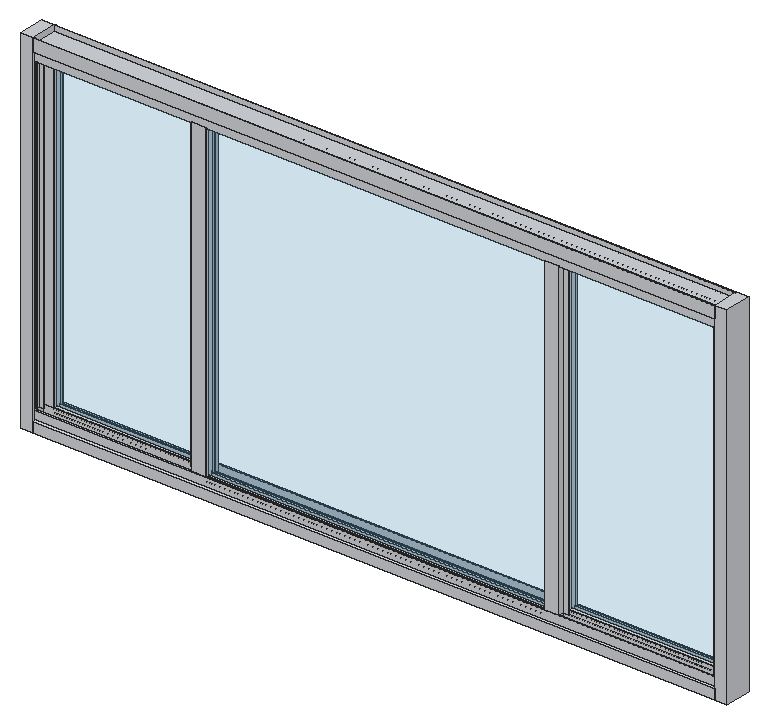
Revit family "MT-VMS_DB-SG_XOX", category Windows, host Wall, Revit 2017 (continued)
Definition of nested family "VMS_DB-SG_XOX_76mm"
  Definition of nested family "VMS_DB-SG_GLAZED PANEL"
    Definition of nested family "VMS_VM66_SILL DETAIL_FINE"
      Lines and regions (mm)
        model lines, in view "Ref. Level"
          curve 104: line (26.1, 27.912, 0) -> (24.161, 27.912, 0)
          curve 105: line (23.779, 27.632, 0) -> (23.477, 26.672, 0)
          curve 106: line (23.667, 26.412, 0) -> (24.011, 26.412, 0)
          curve 107: line (24.169, 26.09, 0) -> (23.509, 25.234, 0)
          curve 108: line (23.667, 24.912, 0) -> (24.011, 24.912, 0)
          curve 109: line (24.169, 24.59, 0) -> (23.509, 23.734, 0)
          curve 110: line (23.667, 23.412, 0) -> (24.011, 23.412, 0)
          curve 111: line (24.169, 23.09, 0) -> (23.509, 22.234, 0)
          curve 112: line (23.667, 21.912, 0) -> (23.924, 21.912, 0)
          curve 113: line (24.831, 13.912, 0) -> (14.116, 13.912, 0)
          curve 114: line (13.833, 13.795, 0) -> (13.45, 13.412, 0)
          curve 115: line (13.45, 13.412, 0) -> (13.067, 13.795, 0)
          curve 116: line (12.784, 13.912, 0) -> (2.069, 13.912, 0)
          curve 117: line (2.976, 21.912, 0) -> (3.233, 21.912, 0)
          curve 118: line (3.391, 22.234, 0) -> (2.731, 23.09, 0)
          curve 119: line (2.889, 23.412, 0) -> (3.233, 23.412, 0)
          curve 120: line (3.391, 23.734, 0) -> (2.731, 24.59, 0)
          curve 121: line (2.889, 24.912, 0) -> (3.233, 24.912, 0)
          curve 122: line (3.391, 25.234, 0) -> (2.731, 26.09, 0)
          curve 123: line (2.889, 26.412, 0) -> (3.233, 26.412, 0)
          curve 124: line (3.423, 26.672, 0) -> (3.121, 27.632, 0)
          curve 125: line (2.739, 27.912, 0) -> (0.8, 27.912, 0)
          curve 126: line (0, 27.112, 0) -> (0, 25.735, 0)
          curve 127: line (0, 13.679, 0) -> (0, 5.9, 0)
          curve 128: line (0.8, 5.9, 0) -> (0.8, 6.8, 0)
          curve 129: line (0.8, 6.8, 0) -> (2.1, 6.8, 0)
          curve 130: line (2.1, 6.8, 0) -> (2.1, 1.2, 0)
          curve 131: line (2.1, 1.2, 0) -> (0.8, 1.2, 0)
          curve 132: line (0.8, 1.2, 0) -> (0.8, 2.1, 0)
          curve 133: line (0, 2.1, 0) -> (0, 0.5, 0)
          curve 134: line (0.5, 0, 0) -> (3, 0, 0)
          curve 135: line (3.3, 0.3, 0) -> (3.3, 4.7, 0)
          curve 136: line (3.6, 5, 0) -> (10.176, 5, 0)
          curve 137: line (10.476, 4.7, 0) -> (10.476, 3.6, 0)
          curve 138: line (10.176, 3.3, 0) -> (9.692, 3.3, 0)
          curve 139: line (9.392, 3, 0) -> (9.392, 1.5, 0)
          curve 140: line (9.092, 1.2, 0) -> (7.692, 1.2, 0)
          curve 141: line (7.392, 0.9, 0) -> (7.392, 0.3, 0)
          curve 142: line (7.692, 0, 0) -> (11.548, 0, 0)
          curve 143: line (13.065, 4.124, 0) -> (12.513, 3.976, 0)
          curve 144: line (12.513, 3.976, 0) -> (12.365, 4.529, 0)
          curve 145: line (11.996, 5.14, 0) -> (11.576, 5.6, 0)
          curve 146: line (11.576, 5.6, 0) -> (11.996, 6.06, 0)
          curve 147: line (11.992, 7.426, 0) -> (11.154, 7.426, 0)
          curve 148: line (10.261, 6.2, 0) -> (3.6, 6.2, 0)
          curve 149: line (3.3, 6.5, 0) -> (3.3, 8, 0)
          curve 150: line (3.1, 8.2, 0) -> (1.4, 8.2, 0)
          curve 151: line (1.2, 8.4, 0) -> (1.2, 12.312, 0)
          curve 152: line (1.4, 12.512, 0) -> (25.5, 12.512, 0)
          curve 153: line (25.7, 12.312, 0) -> (25.7, 8.4, 0)
          curve 154: line (25.5, 8.2, 0) -> (23.8, 8.2, 0)
          curve 155: line (23.6, 8, 0) -> (23.6, 6.5, 0)
          curve 156: line (23.3, 6.2, 0) -> (16.639, 6.2, 0)
          curve 157: line (15.746, 7.426, 0) -> (14.908, 7.426, 0)
          curve 158: line (14.904, 6.06, 0) -> (15.324, 5.6, 0)
          curve 159: line (15.324, 5.6, 0) -> (14.904, 5.14, 0)
          curve 160: line (14.535, 4.529, 0) -> (14.387, 3.976, 0)
          curve 161: line (14.387, 3.976, 0) -> (13.835, 4.124, 0)
    Definition of nested family "VMS_VM66_SILL DETAIL_MEDIUM"
      Reference planes
        plane 1 "Center (Front/Back)": y = 0
        plane 2: z = 0
        plane 3 "Center (Left/Right)": x = 0
      Lines and regions (mm)
        model lines, in view "Ref. Level"
          curve 1: line (1.2, 5, 0) -> (25.7, 5, 0)
          curve 2: line (0, 0, 0) -> (26.9, 0, 0)
          curve 3: line (25.7, 1.2, 0) -> (1.2, 1.2, 0)
          curve 4: line (26.9, 0, 0) -> (26.9, 27.912, 0)
          curve 5: line (26.9, 27.912, 0) -> (25.7, 27.912, 0)
          curve 6: line (25.7, 13.912, 0) -> (1.2, 13.912, 0)
          curve 7: line (1.2, 27.912, 0) -> (0, 27.912, 0)
          curve 8: line (0, 27.112, 0) -> (0, 25.735, 0)
          curve 9: line (0, 27.912, 0) -> (0, 0, 0)
          curve 10: line (1.2, 1.2, 0) -> (1.2, 5, 0)
          curve 11: line (1.2, 12.512, 0) -> (25.7, 12.512, 0)
          curve 12: line (25.7, 27.912, 0) -> (25.7, 13.912, 0)
          curve 13: line (25.7, 6.2, 0) -> (1.2, 6.2, 0)
          curve 14: line (1.2, 13.912, 0) -> (1.2, 27.912, 0)
          curve 15: line (25.7, 12.512, 0) -> (25.7, 6.2, 0)
          curve 16: line (25.7, 5, 0) -> (25.7, 1.2, 0)
          curve 17: line (1.2, 6.2, 0) -> (1.2, 12.512, 0)
  Definition of nested family "MAIN FRAME 76MM_MEDIUM"
    Reference planes
      plane 1 "Center (Front/Back)": y = 0
      plane 2: z = 0
      plane 3 "Center (Left/Right)": x = 0
    Lines and regions (mm)
      detail lines, in view "Ref. Level"
        curve 1: line (0, 0, 0) -> (35, 0, 0)
        curve 2: line (35, 0, 0) -> (35, -76, 0)
        curve 3: line (35, -76, 0) -> (0, -76, 0)
        curve 4: line (0, 0, 0) -> (0, -1.8, 0)
        curve 5: line (0, -1.8, 0) -> (33.2, -1.8, 0)
        curve 6: line (33.2, -74.2, 0) -> (33.2, -1.8, 0)
        curve 7: line (0, -74.2, 0) -> (33.2, -74.2, 0)
        curve 8: line (0, -74.2, 0) -> (0, -76, 0)
  Definition of nested family "AS1C CAVITY MAIN FRAME"
    Reference planes
      plane 1 "Center (Front/Back)": y = 0
      plane 2: z = 0
      plane 3 "Center (Left/Right)": x = 0
    Lines and regions (mm)
      detail lines, in view "Ref. Level"
        curve 1: arc (-35, -73.2, 0) -> (-34.922, -73.041, 0) -> (-34.748, -73.007, 0) r 0.2
        curve 2: arc (-33.3, -70.8, 0) -> (-32.55, -70.05, 0) -> (-31.8, -70.8, 0) r 0.75
        curve 3: arc (-1.5, -66.578, 0) -> (-1.654, -66.316, 0) -> (-1.957, -66.322, 0) r 0.3
        curve 4: arc (-1.957, -66.322, 0) -> (-4.423, -66.877, 0) -> (-6.71, -65.804, 0) r 3.9
        curve 5: arc (-6.71, -65.804, 0) -> (-6.731, -64.567, 0) -> (-5.494, -64.546, 0) r 0.875
        curve 6: arc (-5.494, -64.546, 0) -> (-3.836, -65.144, 0) -> (-2.288, -64.3, 0) r 2.15
        curve 7: arc (-2.288, -61.7, 0) -> (-3.836, -60.856, 0) -> (-5.494, -61.454, 0) r 2.15
        curve 8: arc (-5.494, -61.454, 0) -> (-6.731, -61.433, 0) -> (-6.71, -60.196, 0) r 0.875
        curve 9: arc (-6.71, -60.196, 0) -> (-4.423, -59.123, 0) -> (-1.957, -59.678, 0) r 3.9
        curve 10: arc (-1.957, -59.678, 0) -> (-1.654, -59.684, 0) -> (-1.5, -59.422, 0) r 0.3
        curve 11: arc (-1.5, -53.73, 0) -> (-1.851, -52.695, 0) -> (-2.76, -52.088, 0) r 1.7
        curve 12: arc (-18.84, -47.78, 0) -> (-19.749, -47.172, 0) -> (-20.1, -46.138, 0) r 1.7
        curve 13: arc (-20.1, -29.862, 0) -> (-19.749, -28.827, 0) -> (-18.84, -28.22, 0) r 1.7
        curve 14: arc (-2.76, -23.912, 0) -> (-1.851, -23.304, 0) -> (-1.5, -22.27, 0) r 1.7
        curve 15: arc (-1.5, -16.578, 0) -> (-1.654, -16.316, 0) -> (-1.957, -16.322, 0) r 0.3
        curve 16: arc (-1.957, -16.322, 0) -> (-4.423, -16.877, 0) -> (-6.71, -15.804, 0) r 3.9
        curve 17: arc (-6.71, -15.804, 0) -> (-6.731, -14.567, 0) -> (-5.494, -14.546, 0) r 0.875
        curve 18: arc (-5.494, -14.546, 0) -> (-3.836, -15.144, 0) -> (-2.288, -14.3, 0) r 2.15
        curve 19: arc (-2.288, -11.7, 0) -> (-3.836, -10.856, 0) -> (-5.494, -11.454, 0) r 2.15
        curve 20: arc (-5.494, -11.454, 0) -> (-6.731, -11.433, 0) -> (-6.71, -10.196, 0) r 0.875
        curve 21: arc (-6.71, -10.196, 0) -> (-4.423, -9.123, 0) -> (-1.957, -9.678, 0) r 3.9
        curve 22: arc (-1.957, -9.678, 0) -> (-1.654, -9.684, 0) -> (-1.5, -9.422, 0) r 0.3
        curve 23: arc (-31.8, -5.2, 0) -> (-32.55, -5.95, 0) -> (-33.3, -5.2, 0) r 0.75
        curve 24: arc (-34.748, -2.993, 0) -> (-34.922, -2.959, 0) -> (-35, -2.8, 0) r 0.2
        curve 25: arc (-35, -0.4, 0) -> (-34.883, -0.117, 0) -> (-34.6, 0, 0) r 0.4
        curve 26: arc (-0.4, 0, 0) -> (-0.117, -0.117, 0) -> (0, -0.4, 0) r 0.4
        curve 27: arc (0, -28.2, 0) -> (-0.117, -28.483, 0) -> (-0.4, -28.6, 0) r 0.4
        curve 28: arc (-2.4, -29.868, 0) -> (-2.483, -30.111, 0) -> (-2.696, -30.254, 0) r 0.4
        curve 29: arc (-4.496, -30.736, 0) -> (-4.895, -30.62, 0) -> (-4.976, -30.213, 0) r 0.4
        curve 30: arc (-3.605, -26.446, 0) -> (-3.686, -26.039, 0) -> (-4.084, -25.923, 0) r 0.4
        curve 31: arc (-10.184, -27.557, 0) -> (-10.372, -27.709, 0) -> (-10.388, -27.95, 0) r 0.3
        curve 32: arc (-9.417, -30.619, 0) -> (-9.417, -30.755, 0) -> (-9.504, -30.86, 0) r 0.2
        curve 33: arc (-9.7, -30.973, 0) -> (-9.9, -30.973, 0) -> (-10, -30.8, 0) r 0.2
        curve 34: arc (-10, -30.747, 0) -> (-10.059, -30.606, 0) -> (-10.2, -30.547, 0) r 0.2
        curve 35: arc (-11.438, -30.547, 0) -> (-11.528, -30.526, 0) -> (-11.599, -30.466, 0) r 0.2
        curve 36: arc (-11.599, -30.466, 0) -> (-11.806, -30.087, 0) -> (-11.9, -29.664, 0) r 1.549
        curve 37: arc (-11.9, -28.408, 0) -> (-12.017, -28.17, 0) -> (-12.278, -28.118, 0) r 0.3
        curve 38: arc (-12.278, -47.882, 0) -> (-12.017, -47.83, 0) -> (-11.9, -47.592, 0) r 0.3
        curve 39: arc (-11.9, -46.336, 0) -> (-11.806, -45.913, 0) -> (-11.599, -45.533, 0) r 1.549
        curve 40: arc (-11.599, -45.533, 0) -> (-11.528, -45.474, 0) -> (-11.438, -45.453, 0) r 0.2
        curve 41: arc (-10.2, -45.453, 0) -> (-10.059, -45.394, 0) -> (-10, -45.253, 0) r 0.2
        curve 42: arc (-10, -45.2, 0) -> (-9.9, -45.027, 0) -> (-9.7, -45.027, 0) r 0.2
        curve 43: arc (-9.504, -45.14, 0) -> (-9.417, -45.244, 0) -> (-9.417, -45.381, 0) r 0.2
        curve 44: arc (-10.388, -48.05, 0) -> (-10.372, -48.291, 0) -> (-10.184, -48.443, 0) r 0.3
        curve 45: arc (-4.084, -50.077, 0) -> (-3.686, -49.961, 0) -> (-3.605, -49.554, 0) r 0.4
        curve 46: arc (-4.976, -45.787, 0) -> (-4.895, -45.38, 0) -> (-4.496, -45.264, 0) r 0.4
        curve 47: arc (-2.696, -45.746, 0) -> (-2.483, -45.889, 0) -> (-2.4, -46.132, 0) r 0.4
        curve 48: arc (-0.4, -47.4, 0) -> (-0.117, -47.517, 0) -> (0, -47.8, 0) r 0.4
        curve 49: arc (0, -75.6, 0) -> (-0.117, -75.883, 0) -> (-0.4, -76, 0) r 0.4
        curve 50: arc (-34.6, -76, 0) -> (-34.883, -75.883, 0) -> (-35, -75.6, 0) r 0.4
        curve 51: line (-34.748, -73.007, 0) -> (-33.3, -73.395, 0)
        curve 52: line (-33.3, -73.395, 0) -> (-33.3, -70.8, 0)
        curve 53: line (-31.8, -70.8, 0) -> (-31.8, -74.5, 0)
        curve 54: line (-31.8, -74.5, 0) -> (-1.5, -74.5, 0)
        curve 55: line (-1.5, -74.5, 0) -> (-1.5, -66.578, 0)
        curve 56: line (-2.288, -64.3, 0) -> (-1.5, -64.3, 0)
        curve 57: line (-1.5, -64.3, 0) -> (-1.5, -63, 0)
        curve 58: line (-1.5, -63, 0) -> (-1.5, -61.7, 0)
        curve 59: line (-1.5, -61.7, 0) -> (-2.288, -61.7, 0)
        curve 60: line (-1.5, -59.422, 0) -> (-1.5, -53.73, 0)
        curve 61: line (-2.76, -52.088, 0) -> (-18.84, -47.78, 0)
        curve 62: line (-20.1, -46.138, 0) -> (-20.1, -29.862, 0)
        curve 63: line (-18.84, -28.22, 0) -> (-2.76, -23.912, 0)
        curve 64: line (-1.5, -22.27, 0) -> (-1.5, -16.578, 0)
        curve 65: line (-2.288, -14.3, 0) -> (-1.5, -14.3, 0)
        curve 66: line (-1.5, -14.3, 0) -> (-1.5, -13, 0)
        curve 67: line (-1.5, -13, 0) -> (-1.5, -11.7, 0)
        curve 68: line (-1.5, -11.7, 0) -> (-2.288, -11.7, 0)
        curve 69: line (-1.5, -9.422, 0) -> (-1.5, -1.5, 0)
        curve 70: line (-1.5, -1.5, 0) -> (-31.8, -1.5, 0)
        curve 71: line (-31.8, -1.5, 0) -> (-31.8, -5.2, 0)
        curve 72: line (-33.3, -5.2, 0) -> (-33.3, -2.605, 0)
        curve 73: line (-33.3, -2.605, 0) -> (-34.748, -2.993, 0)
        curve 74: line (-35, -2.8, 0) -> (-35, -0.4, 0)
        curve 75: line (-34.6, 0, 0) -> (-0.4, 0, 0)
        curve 76: line (0, -0.4, 0) -> (0, -28.2, 0)
        curve 77: line (-0.4, -28.6, 0) -> (-2.4, -28.6, 0)
        curve 78: line (-2.4, -28.6, 0) -> (-2.4, -29.868, 0)
        curve 79: line (-2.696, -30.254, 0) -> (-4.496, -30.736, 0)
        curve 80: line (-4.976, -30.213, 0) -> (-3.605, -26.446, 0)
        curve 81: line (-4.084, -25.923, 0) -> (-10.184, -27.557, 0)
        curve 82: line (-10.388, -27.95, 0) -> (-9.417, -30.619, 0)
        curve 83: line (-9.504, -30.86, 0) -> (-9.7, -30.973, 0)
        curve 84: line (-10.2, -30.547, 0) -> (-11.438, -30.547, 0)
        curve 85: line (-11.9, -29.664, 0) -> (-11.9, -28.408, 0)
        curve 86: line (-12.278, -28.118, 0) -> (-18.5, -29.786, 0)
        curve 87: line (-18.5, -29.786, 0) -> (-18.5, -46.214, 0)
        curve 88: line (-18.5, -46.214, 0) -> (-12.278, -47.882, 0)
        curve 89: line (-11.9, -47.592, 0) -> (-11.9, -46.336, 0)
        curve 90: line (-11.438, -45.453, 0) -> (-10.2, -45.453, 0)
        curve 91: line (-9.7, -45.027, 0) -> (-9.504, -45.14, 0)
        curve 92: line (-9.417, -45.381, 0) -> (-10.388, -48.05, 0)
        curve 93: line (-10.184, -48.443, 0) -> (-4.084, -50.077, 0)
        curve 94: line (-3.605, -49.554, 0) -> (-4.976, -45.787, 0)
        curve 95: line (-4.496, -45.264, 0) -> (-2.696, -45.746, 0)
        curve 96: line (-2.4, -46.132, 0) -> (-2.4, -47.4, 0)
        curve 97: line (-2.4, -47.4, 0) -> (-0.4, -47.4, 0)
        curve 98: line (0, -47.8, 0) -> (0, -75.6, 0)
        curve 99: line (-0.4, -76, 0) -> (-34.6, -76, 0)
        curve 100: line (-35, -75.6, 0) -> (-35, -73.2, 0)
  Definition of nested family "VMS_VM8_HEAD DETAIL_MEDIUM"
    Reference planes
      plane 1 "Center (Front/Back)": y = 0
      plane 2: z = 0
      plane 3 "Center (Left/Right)": x = 0
    Lines and regions (mm)
      detail lines, in view "Ref. Level"
        curve 1: line (0, 0, 0) -> (0, -35, 0)
        curve 2: line (1.5, -14.5, 0) -> (74.5, -14.5, 0)
        curve 3: line (74.5, -14.5, 0) -> (74.5, 0, 0)
        curve 4: line (0, 0, 0) -> (1.5, 0, 0)
        curve 5: line (76, 0, 0) -> (76, -35, 0)
        curve 6: line (76, -35, 0) -> (70.5, -35, 0)
        curve 7: line (70.5, -35, 0) -> (70.5, -59, 0)
        curve 8: line (68.7, -59, 0) -> (68.7, -33.2, 0)
        curve 9: line (68.7, -33.2, 0) -> (74.2, -33.2, 0)
        curve 10: line (74.2, -33.2, 0) -> (74.2, -16.1, 0)
        curve 11: line (74.2, -16.1, 0) -> (38.8, -16.1, 0)
        curve 12: line (38.8, -16.1, 0) -> (38.8, -59, 0)
        curve 13: line (70.5, -59, 0) -> (68.7, -59, 0)
        curve 14: line (37.2, -59, 0) -> (37.2, -16.1, 0)
        curve 15: line (1.8, -16.1, 0) -> (1.8, -33.2, 0)
        curve 16: line (1.8, -33.2, 0) -> (7.3, -33.2, 0)
        curve 17: line (7.3, -33.2, 0) -> (7.3, -59, 0)
        curve 18: line (7.3, -59, 0) -> (5.5, -59, 0)
        curve 19: line (5.5, -59, 0) -> (5.5, -35, 0)
        curve 20: line (5.5, -35, 0) -> (0, -35, 0)
        curve 21: line (1.5, 0, 0) -> (1.5, -14.5, 0)
        curve 22: line (74.5, 0, 0) -> (76, 0, 0)
        curve 23: line (38.8, -59, 0) -> (37.2, -59, 0)
        curve 24: line (37.2, -16.1, 0) -> (1.8, -16.1, 0)
  Definition of nested family "VMS_VM8_HEAD DETAIL_FINE"
    Reference planes
      plane 1 "Center (Front/Back)": y = 0
      plane 2: z = 0
      plane 3 "Center (Left/Right)": x = 0
    Lines and regions (mm)
      model lines, in view "Ref. Level"
        curve 1: arc (9.146, -8.957, 0) -> (9.504, -8.091, 0) -> (10.37, -7.732, 0) r 1.224
        curve 2: arc (10.877, -7.732, 0) -> (11.54, -8.402, 0) -> (11.326, -9.319, 0) r 0.974
        curve 3: arc (11.326, -9.319, 0) -> (11.131, -9.63, 0) -> (10.993, -9.97, 0) r 2.1
        curve 4: arc (10.993, -11.204, 0) -> (11.181, -11.637, 0) -> (11.462, -12.017, 0) r 2.1
        curve 5: arc (12.531, -12.634, 0) -> (13, -12.687, 0) -> (13.469, -12.634, 0) r 2.1
        curve 6: arc (14.538, -12.017, 0) -> (14.819, -11.637, 0) -> (15.007, -11.204, 0) r 2.1
        curve 7: arc (15.007, -9.97, 0) -> (14.869, -9.63, 0) -> (14.674, -9.319, 0) r 2.1
        curve 8: arc (14.674, -9.319, 0) -> (14.46, -8.402, 0) -> (15.123, -7.732, 0) r 0.974
        curve 9: arc (15.63, -7.732, 0) -> (16.496, -8.091, 0) -> (16.854, -8.957, 0) r 1.224
        curve 10: arc (16.854, -11.635, 0) -> (16.306, -12.829, 0) -> (15.399, -13.78, 0) r 3.994
        curve 11: arc (15.399, -13.78, 0) -> (15.26, -14.227, 0) -> (15.64, -14.5, 0) r 0.4
        curve 12: arc (60.746, -14.5, 0) -> (61.007, -14.348, 0) -> (61.003, -14.046, 0) r 0.3
        curve 13: arc (61.003, -14.046, 0) -> (59.836, -13.025, 0) -> (59.146, -11.635, 0) r 3.994
        curve 14: arc (59.146, -8.957, 0) -> (59.504, -8.091, 0) -> (60.37, -7.732, 0) r 1.224
        curve 15: arc (60.868, -7.732, 0) -> (61.514, -8.349, 0) -> (61.394, -9.234, 0) r 0.982
        curve 16: arc (61.394, -9.234, 0) -> (61.156, -9.581, 0) -> (60.993, -9.97, 0) r 2.1
        curve 17: arc (60.993, -11.204, 0) -> (61.181, -11.637, 0) -> (61.462, -12.017, 0) r 2.1
        curve 18: arc (62.531, -12.634, 0) -> (63, -12.687, 0) -> (63.469, -12.634, 0) r 2.1
        curve 19: arc (64.538, -12.017, 0) -> (64.819, -11.637, 0) -> (65.007, -11.204, 0) r 2.1
        curve 20: arc (65.007, -9.97, 0) -> (64.843, -9.58, 0) -> (64.603, -9.23, 0) r 2.1
        curve 21: arc (64.603, -9.23, 0) -> (64.477, -8.348, 0) -> (65.123, -7.732, 0) r 0.974
        curve 22: arc (65.63, -7.732, 0) -> (66.496, -8.091, 0) -> (66.854, -8.957, 0) r 1.224
        curve 23: arc (66.854, -11.635, 0) -> (66.306, -12.829, 0) -> (65.399, -13.78, 0) r 3.994
        curve 24: arc (65.399, -13.78, 0) -> (65.26, -14.227, 0) -> (65.64, -14.5, 0) r 0.4
        curve 25: arc (70.8, -3.2, 0) -> (70.05, -2.45, 0) -> (70.8, -1.7, 0) r 0.75
        curve 26: arc (73.007, -0.252, 0) -> (73.041, -0.078, 0) -> (73.2, 0, 0) r 0.2
        curve 27: arc (75.6, 0, 0) -> (75.883, -0.117, 0) -> (76, -0.4, 0) r 0.4
        curve 28: arc (76, -34.7, 0) -> (75.912, -34.912, 0) -> (75.7, -35, 0) r 0.3
        curve 29: arc (70.8, -35, 0) -> (70.588, -35.088, 0) -> (70.5, -35.3, 0) r 0.3
        curve 30: arc (70.5, -58.7, 0) -> (70.412, -58.912, 0) -> (70.2, -59, 0) r 0.3
        curve 31: arc (69, -59, 0) -> (68.788, -58.912, 0) -> (68.7, -58.7, 0) r 0.3
        curve 32: arc (68.7, -33.5, 0) -> (68.788, -33.288, 0) -> (69, -33.2, 0) r 0.3
        curve 33: arc (73.9, -33.2, 0) -> (74.112, -33.112, 0) -> (74.2, -32.9, 0) r 0.3
        curve 34: arc (74.2, -17.1, 0) -> (73.907, -16.393, 0) -> (73.2, -16.1, 0) r 1
        curve 35: arc (39.8, -16.1, 0) -> (39.093, -16.393, 0) -> (38.8, -17.1, 0) r 1
        curve 36: arc (38.8, -58.7, 0) -> (38.712, -58.912, 0) -> (38.5, -59, 0) r 0.3
        curve 37: arc (37.5, -59, 0) -> (37.288, -58.912, 0) -> (37.2, -58.7, 0) r 0.3
        curve 38: arc (37.2, -17.1, 0) -> (36.907, -16.393, 0) -> (36.2, -16.1, 0) r 1
        curve 39: arc (2.8, -16.1, 0) -> (2.093, -16.393, 0) -> (1.8, -17.1, 0) r 1
        curve 40: arc (1.8, -32.9, 0) -> (1.888, -33.112, 0) -> (2.1, -33.2, 0) r 0.3
        curve 41: arc (7, -33.2, 0) -> (7.212, -33.288, 0) -> (7.3, -33.5, 0) r 0.3
        curve 42: arc (7.3, -58.7, 0) -> (7.212, -58.912, 0) -> (7, -59, 0) r 0.3
        curve 43: arc (5.8, -59, 0) -> (5.588, -58.912, 0) -> (5.5, -58.7, 0) r 0.3
        curve 44: arc (5.5, -35.3, 0) -> (5.412, -35.088, 0) -> (5.2, -35, 0) r 0.3
        curve 45: arc (0.3, -35, 0) -> (0.088, -34.912, 0) -> (0, -34.7, 0) r 0.3
        curve 46: arc (0, -0.4, 0) -> (0.117, -0.117, 0) -> (0.4, 0, 0) r 0.4
        curve 47: arc (2.8, 0, 0) -> (2.959, -0.078, 0) -> (2.993, -0.252, 0) r 0.2
        curve 48: arc (5.2, -1.7, 0) -> (5.95, -2.45, 0) -> (5.2, -3.2, 0) r 0.75
        curve 49: line (9.146, -11.635, 0) -> (9.146, -8.957, 0)
        curve 50: line (10.37, -7.732, 0) -> (10.877, -7.732, 0)
        curve 51: line (10.993, -9.97, 0) -> (10.376, -10.587, 0)
        curve 52: line (10.376, -10.587, 0) -> (10.993, -11.204, 0)
        curve 53: line (11.462, -12.017, 0) -> (11.688, -12.859, 0)
        curve 54: line (11.688, -12.859, 0) -> (12.531, -12.634, 0)
        curve 55: line (13.469, -12.634, 0) -> (14.312, -12.859, 0)
        curve 56: line (14.312, -12.859, 0) -> (14.538, -12.017, 0)
        curve 57: line (15.007, -11.204, 0) -> (15.624, -10.587, 0)
        curve 58: line (15.624, -10.587, 0) -> (15.007, -9.97, 0)
        curve 59: line (15.123, -7.732, 0) -> (15.63, -7.732, 0)
        curve 60: line (16.854, -8.957, 0) -> (16.854, -11.635, 0)
        curve 61: line (15.64, -14.5, 0) -> (60.746, -14.5, 0)
        curve 62: line (59.146, -11.635, 0) -> (59.146, -8.957, 0)
        curve 63: line (60.37, -7.732, 0) -> (60.868, -7.732, 0)
        curve 64: line (60.993, -9.97, 0) -> (60.376, -10.587, 0)
        curve 65: line (60.376, -10.587, 0) -> (60.993, -11.204, 0)
        curve 66: line (61.462, -12.017, 0) -> (61.688, -12.859, 0)
        curve 67: line (61.688, -12.859, 0) -> (62.531, -12.634, 0)
        curve 68: line (63.469, -12.634, 0) -> (64.312, -12.859, 0)
        curve 69: line (64.312, -12.859, 0) -> (64.538, -12.017, 0)
        curve 70: line (65.007, -11.204, 0) -> (65.624, -10.587, 0)
        curve 71: line (65.624, -10.587, 0) -> (65.007, -9.97, 0)
        curve 72: line (65.123, -7.732, 0) -> (65.63, -7.732, 0)
        curve 73: line (66.854, -8.957, 0) -> (66.854, -11.635, 0)
        curve 74: line (65.64, -14.5, 0) -> (74.5, -14.5, 0)
        curve 75: line (74.5, -14.5, 0) -> (74.5, -3.2, 0)
        curve 76: line (74.5, -3.2, 0) -> (70.8, -3.2, 0)
        curve 77: line (70.8, -1.7, 0) -> (73.395, -1.7, 0)
        curve 78: line (73.395, -1.7, 0) -> (73.007, -0.252, 0)
        curve 79: line (73.2, 0, 0) -> (75.6, 0, 0)
        curve 80: line (76, -0.4, 0) -> (76, -34.7, 0)
        curve 81: line (75.7, -35, 0) -> (70.8, -35, 0)
        curve 82: line (70.5, -35.3, 0) -> (70.5, -58.7, 0)
        curve 83: line (70.2, -59, 0) -> (69, -59, 0)
        curve 84: line (68.7, -58.7, 0) -> (68.7, -33.5, 0)
        curve 85: line (69, -33.2, 0) -> (73.9, -33.2, 0)
        curve 86: line (74.2, -32.9, 0) -> (74.2, -17.1, 0)
        curve 87: line (73.2, -16.1, 0) -> (39.8, -16.1, 0)
        curve 88: line (38.8, -17.1, 0) -> (38.8, -58.7, 0)
        curve 89: line (38.5, -59, 0) -> (37.5, -59, 0)
        curve 90: line (37.2, -58.7, 0) -> (37.2, -17.1, 0)
        curve 91: line (36.2, -16.1, 0) -> (2.8, -16.1, 0)
        curve 92: line (1.8, -17.1, 0) -> (1.8, -32.9, 0)
        curve 93: line (2.1, -33.2, 0) -> (7, -33.2, 0)
        curve 94: line (7.3, -33.5, 0) -> (7.3, -58.7, 0)
        curve 95: line (7, -59, 0) -> (5.8, -59, 0)
        curve 96: line (5.5, -58.7, 0) -> (5.5, -35.3, 0)
        curve 97: line (5.2, -35, 0) -> (0.3, -35, 0)
        curve 98: line (0, -34.7, 0) -> (0, -0.4, 0)
        curve 99: line (0.4, 0, 0) -> (2.8, 0, 0)
        curve 100: line (2.993, -0.252, 0) -> (2.605, -1.7, 0)
        curve 101: line (2.605, -1.7, 0) -> (5.2, -1.7, 0)
        curve 102: line (5.2, -3.2, 0) -> (1.5, -3.2, 0)
        curve 103: line (1.5, -3.2, 0) -> (1.5, -14.5, 0)
        curve 104: line (1.5, -14.5, 0) -> (10.36, -14.5, 0)
        curve 105: arc (10.36, -14.5, 0) -> (10.74, -14.227, 0) -> (10.601, -13.78, 0) r 0.4
        curve 106: arc (10.601, -13.78, 0) -> (9.694, -12.829, 0) -> (9.146, -11.635, 0) r 3.994
  Definition of nested family "VMS_VM10_BOT DETAIL_MEDIUM"
    Reference planes
      plane 1 "Center (Front/Back)": y = 0
      plane 2: z = 0
      plane 3 "Center (Left/Right)": x = 0
    Lines and regions (mm)
      detail lines, in view "Ref. Level"
        curve 1: line (70.183, 29.678, 0) -> (74.4, 26.464, 0)
        curve 2: line (74.4, 26.464, 0) -> (74.4, 19.696, 0)
        curve 3: line (74.4, 19.696, 0) -> (36.6, 19.696, 0)
        curve 4: line (36.6, 19.696, 0) -> (36.6, 15.948, 0)
        curve 5: line (36.6, 15.948, 0) -> (1.5, 15.948, 0)
        curve 6: line (1.5, 26.54, 0) -> (5.689, 29.678, 0)
        curve 7: line (5.689, 29.678, 0) -> (70.183, 29.678, 0)
        curve 8: line (1.5, 14.448, 0) -> (38, 14.448, 0)
        curve 9: line (38, 14.448, 0) -> (38, 18.196, 0)
        curve 10: line (38, 18.196, 0) -> (74.4, 18.196, 0)
        curve 11: line (76, 0, 0) -> (76, 27.256, 0)
        curve 12: line (76, 27.256, 0) -> (70.723, 31.278, 0)
        curve 13: line (70.723, 31.278, 0) -> (70.723, 56.143, 0)
        curve 14: line (70.723, 56.143, 0) -> (68.723, 56.143, 0)
        curve 15: line (68.723, 56.143, 0) -> (68.723, 31.278, 0)
        curve 16: line (68.723, 31.278, 0) -> (38.823, 31.278, 0)
        curve 17: line (38.823, 31.278, 0) -> (38.823, 56.143, 0)
        curve 18: line (38.823, 56.143, 0) -> (37.223, 56.143, 0)
        curve 19: line (37.223, 56.143, 0) -> (37.223, 31.278, 0)
        curve 20: line (37.223, 31.278, 0) -> (7.323, 31.278, 0)
        curve 21: line (7.323, 31.278, 0) -> (7.323, 56.143, 0)
        curve 22: line (7.323, 56.143, 0) -> (5.323, 56.143, 0)
        curve 23: line (5.323, 56.143, 0) -> (5.323, 31.278, 0)
        curve 24: line (5.323, 31.278, 0) -> (0, 27.291, 0)
        curve 25: line (0, 27.291, 0) -> (0, 0, 0)
        curve 26: line (0, 0, 0) -> (1.5, 0, 0)
        curve 27: line (1.5, 0, 0) -> (1.5, 14.448, 0)
        curve 28: line (1.5, 15.948, 0) -> (1.5, 26.54, 0)
        curve 29: line (76, 0, 0) -> (74.4, 0, 0)
        curve 30: line (74.4, 18.196, 0) -> (74.4, 0, 0)
  Definition of nested family "VMS_VM10_BOT DETAIL_FINE"
    Reference planes
      plane 1 "Center (Front/Back)": y = 0
      plane 2: z = 0
      plane 3 "Center (Left/Right)": x = 0
    Lines and regions (mm)
      model lines, in view "Ref. Level"
        curve 1: arc (69.913, 29.678, 0) -> (70.169, 29.636, 0) -> (70.398, 29.515, 0) r 0.8
        curve 2: arc (74.243, 26.584, 0) -> (74.359, 26.443, 0) -> (74.4, 26.265, 0) r 0.4
        curve 3: arc (74.4, 19.995, 0) -> (74.312, 19.784, 0) -> (74.1, 19.696, 0) r 0.3
        curve 4: arc (36.461, 19.709, 0) -> (36.168, 19.595, 0) -> (36.048, 19.303, 0) r 0.4
        curve 5: arc (36.048, 19.303, 0) -> (36.163, 19.016, 0) -> (36.448, 18.896, 0) r 0.4
        curve 6: arc (36.6, 16.448, 0) -> (36.454, 16.095, 0) -> (36.1, 15.948, 0) r 0.5
        curve 7: arc (5.763, 22.386, 0) -> (5.704, 22.528, 0) -> (5.563, 22.586, 0) r 0.2
        curve 8: arc (5.554, 22.586, 0) -> (5.413, 22.645, 0) -> (5.354, 22.786, 0) r 0.2
        curve 9: arc (5.354, 25.256, 0) -> (4.768, 26.67, 0) -> (3.354, 27.256, 0) r 2
        curve 10: arc (3.056, 27.256, 0) -> (2.867, 27.393, 0) -> (2.937, 27.616, 0) r 0.2
        curve 11: arc (5.476, 29.519, 0) -> (5.703, 29.637, 0) -> (5.956, 29.678, 0) r 0.8
        curve 12: arc (19.373, 29.678, 0) -> (19.727, 29.825, 0) -> (19.873, 30.178, 0) r 0.5
        curve 13: arc (19.873, 31.416, 0) -> (19.961, 31.628, 0) -> (20.173, 31.716, 0) r 0.3
        curve 14: arc (24.373, 31.716, 0) -> (24.586, 31.628, 0) -> (24.673, 31.416, 0) r 0.3
        curve 15: arc (24.673, 30.178, 0) -> (24.82, 29.825, 0) -> (25.173, 29.678, 0) r 0.5
        curve 16: arc (32.5, 29.678, 0) -> (32.712, 29.591, 0) -> (32.8, 29.378, 0) r 0.3
        curve 17: arc (32.8, 26.678, 0) -> (33.093, 25.971, 0) -> (33.8, 25.678, 0) r 1
        curve 18: arc (34, 25.678, 0) -> (34.566, 25.913, 0) -> (34.8, 26.478, 0) r 0.8
        curve 19: arc (34.8, 27.36, 0) -> (35.8, 29.978, 0) -> (36.8, 27.36, 0) r 1.5
        curve 20: arc (36.8, 26.478, 0) -> (37.034, 25.913, 0) -> (37.6, 25.678, 0) r 0.8
        curve 21: arc (37.8, 25.678, 0) -> (38.507, 25.971, 0) -> (38.8, 26.678, 0) r 1
        curve 22: arc (38.8, 29.377, 0) -> (38.888, 29.589, 0) -> (39.1, 29.677, 0) r 0.3
        curve 23: arc (50.873, 29.678, 0) -> (51.227, 29.825, 0) -> (51.373, 30.178, 0) r 0.5
        curve 24: arc (51.373, 31.416, 0) -> (51.461, 31.628, 0) -> (51.673, 31.716, 0) r 0.3
        curve 25: arc (55.873, 31.716, 0) -> (56.086, 31.628, 0) -> (56.173, 31.416, 0) r 0.3
        curve 26: arc (56.173, 30.178, 0) -> (56.32, 29.825, 0) -> (56.673, 29.678, 0) r 0.5
        curve 27: arc (13.469, 12.634, 0) -> (13, 12.687, 0) -> (12.531, 12.634, 0) r 2.1
        curve 28: arc (15.007, 11.204, 0) -> (14.819, 11.637, 0) -> (14.538, 12.017, 0) r 2.1
        curve 29: arc (14.603, 9.23, 0) -> (14.843, 9.58, 0) -> (15.007, 9.97, 0) r 2.1
        curve 30: arc (14.603, 9.23, 0) -> (14.477, 8.348, 0) -> (15.123, 7.732, 0) r 0.974
        curve 31: arc (15.63, 7.732, 0) -> (16.496, 8.091, 0) -> (16.854, 8.957, 0) r 1.224
        curve 32: arc (16.854, 11.635, 0) -> (16.147, 13.047, 0) -> (14.948, 14.074, 0) r 3.994
        curve 33: arc (15.046, 14.448, 0) -> (14.852, 14.299, 0) -> (14.948, 14.074, 0) r 0.2
        curve 34: arc (37.5, 14.448, 0) -> (37.854, 14.595, 0) -> (38, 14.948, 0) r 0.5
        curve 35: arc (38.3, 18.196, 0) -> (38.088, 18.109, 0) -> (38, 17.896, 0) r 0.3
        curve 36: arc (62.25, 17.896, 0) -> (62.162, 18.109, 0) -> (61.95, 18.196, 0) r 0.3
        curve 37: arc (62.25, 14.51, 0) -> (60.286, 13.517, 0) -> (59.146, 11.635, 0) r 3.994
        curve 38: arc (59.146, 8.957, 0) -> (59.504, 8.091, 0) -> (60.37, 7.732, 0) r 1.224
        curve 39: arc (60.868, 7.732, 0) -> (61.514, 8.349, 0) -> (61.394, 9.234, 0) r 0.982
        curve 40: arc (60.993, 9.97, 0) -> (61.156, 9.581, 0) -> (61.394, 9.234, 0) r 2.1
        curve 41: arc (61.462, 12.017, 0) -> (61.181, 11.637, 0) -> (60.993, 11.204, 0) r 2.1
        curve 42: arc (63.469, 12.634, 0) -> (63, 12.687, 0) -> (62.531, 12.634, 0) r 2.1
        curve 43: arc (65.007, 11.204, 0) -> (64.819, 11.637, 0) -> (64.538, 12.017, 0) r 2.1
        curve 44: arc (64.603, 9.23, 0) -> (64.843, 9.58, 0) -> (65.007, 9.97, 0) r 2.1
        curve 45: arc (64.603, 9.23, 0) -> (64.477, 8.348, 0) -> (65.123, 7.732, 0) r 0.974
        curve 46: arc (65.63, 7.732, 0) -> (66.496, 8.091, 0) -> (66.854, 8.957, 0) r 1.224
        curve 47: arc (66.854, 11.635, 0) -> (65.714, 13.517, 0) -> (63.75, 14.51, 0) r 3.994
        curve 48: arc (64.05, 18.196, 0) -> (63.838, 18.109, 0) -> (63.75, 17.896, 0) r 0.3
        curve 49: arc (74.5, 17.896, 0) -> (74.412, 18.109, 0) -> (74.2, 18.196, 0) r 0.3
        curve 50: arc (74.2, 3.2, 0) -> (74.412, 3.288, 0) -> (74.5, 3.5, 0) r 0.3
        curve 51: arc (70.8, 3.2, 0) -> (70.05, 2.45, 0) -> (70.8, 1.7, 0) r 0.75
        curve 52: arc (73.007, 0.252, 0) -> (73.041, 0.078, 0) -> (73.2, 0, 0) r 0.2
        curve 53: arc (75.7, 0, 0) -> (75.912, 0.088, 0) -> (76, 0.3, 0) r 0.3
        curve 54: arc (76, 26.266, 0) -> (75.792, 27.153, 0) -> (75.213, 27.856, 0) r 2
        curve 55: arc (70.723, 32.269, 0) -> (70.931, 31.381, 0) -> (71.511, 30.678, 0) r 2
        curve 56: arc (70.723, 55.843, 0) -> (70.636, 56.055, 0) -> (70.423, 56.143, 0) r 0.3
        curve 57: arc (69.023, 56.143, 0) -> (68.811, 56.055, 0) -> (68.723, 55.843, 0) r 0.3
        curve 58: arc (68.423, 31.278, 0) -> (68.636, 31.366, 0) -> (68.723, 31.578, 0) r 0.3
        curve 59: arc (57.773, 31.578, 0) -> (57.861, 31.366, 0) -> (58.074, 31.278, 0) r 0.3
        curve 60: arc (57.773, 32.274, 0) -> (57.662, 32.588, 0) -> (57.377, 32.763, 0) r 0.5
        curve 61: arc (50.169, 32.763, 0) -> (49.885, 32.588, 0) -> (49.773, 32.274, 0) r 0.5
        curve 62: arc (49.473, 31.278, 0) -> (49.686, 31.366, 0) -> (49.773, 31.578, 0) r 0.3
        curve 63: arc (38.823, 31.578, 0) -> (38.911, 31.366, 0) -> (39.123, 31.278, 0) r 0.3
        curve 64: arc (38.823, 55.843, 0) -> (38.736, 56.055, 0) -> (38.523, 56.143, 0) r 0.3
        curve 65: arc (37.523, 56.143, 0) -> (37.311, 56.055, 0) -> (37.223, 55.843, 0) r 0.3
        curve 66: arc (36.923, 31.278, 0) -> (37.136, 31.366, 0) -> (37.223, 31.578, 0) r 0.3
        curve 67: arc (26.273, 31.578, 0) -> (26.361, 31.366, 0) -> (26.573, 31.278, 0) r 0.3
        curve 68: arc (26.273, 32.274, 0) -> (26.162, 32.588, 0) -> (25.877, 32.763, 0) r 0.5
        curve 69: arc (18.669, 32.763, 0) -> (18.385, 32.588, 0) -> (18.273, 32.274, 0) r 0.5
        curve 70: arc (17.973, 31.278, 0) -> (18.186, 31.366, 0) -> (18.273, 31.578, 0) r 0.3
        curve 71: arc (7.323, 31.578, 0) -> (7.411, 31.366, 0) -> (7.623, 31.278, 0) r 0.3
        curve 72: arc (7.323, 55.843, 0) -> (7.236, 56.055, 0) -> (7.023, 56.143, 0) r 0.3
        curve 73: arc (5.623, 56.143, 0) -> (5.411, 56.055, 0) -> (5.323, 55.843, 0) r 0.3
        curve 74: arc (4.523, 30.678, 0) -> (5.112, 31.384, 0) -> (5.323, 32.279, 0) r 2
        curve 75: arc (0.755, 27.856, 0) -> (0.165, 27.15, 0) -> (-0.046, 26.255, 0) r 2
        curve 76: arc (-0.046, 24.056, 0) -> (0.393, 22.995, 0) -> (1.454, 22.556, 0) r 1.5
        curve 77: arc (1.454, 22.556, 0) -> (1.595, 22.615, 0) -> (1.654, 22.756, 0) r 0.2
        curve 78: arc (3.654, 23.438, 0) -> (2.654, 26.056, 0) -> (1.654, 23.438, 0) r 1.5
        curve 79: arc (3.654, 22.986, 0) -> (3.771, 22.703, 0) -> (4.054, 22.586, 0) r 0.4
        curve 80: arc (4.263, 22.386, 0) -> (4.204, 22.528, 0) -> (4.063, 22.586, 0) r 0.2
        curve 81: arc (3.423, 15.948, 0) -> (2.923, 15.448, 0) -> (3.423, 14.948, 0) r 0.5
        curve 82: arc (3.163, 12.436, 0) -> (3.375, 12.525, 0) -> (3.463, 12.738, 0) r 0.3
        curve 83: arc (2, 12.436, 0) -> (0.586, 11.85, 0) -> (0, 10.436, 0) r 2
        curve 84: arc (0, 0.3, 0) -> (0.088, 0.088, 0) -> (0.3, 0, 0) r 0.3
        curve 85: arc (2.8, 0, 0) -> (2.959, 0.078, 0) -> (2.993, 0.252, 0) r 0.2
        curve 86: arc (5.2, 1.7, 0) -> (5.95, 2.45, 0) -> (5.2, 3.2, 0) r 0.75
        curve 87: arc (1.5, 3.5, 0) -> (1.588, 3.288, 0) -> (1.8, 3.2, 0) r 0.3
        curve 88: arc (2, 10.936, 0) -> (1.645, 10.788, 0) -> (1.5, 10.432, 0) r 0.5
        curve 89: arc (3.963, 10.936, 0) -> (4.67, 11.229, 0) -> (4.963, 11.936, 0) r 1
        curve 90: arc (11.052, 14.074, 0) -> (11.148, 14.299, 0) -> (10.955, 14.448, 0) r 0.2
        curve 91: arc (11.052, 14.074, 0) -> (9.853, 13.047, 0) -> (9.146, 11.635, 0) r 3.994
        curve 92: arc (9.146, 8.957, 0) -> (9.504, 8.091, 0) -> (10.37, 7.732, 0) r 1.224
        curve 93: arc (10.868, 7.732, 0) -> (11.514, 8.349, 0) -> (11.394, 9.234, 0) r 0.982
        curve 94: arc (10.993, 9.97, 0) -> (11.156, 9.581, 0) -> (11.394, 9.234, 0) r 2.1
        curve 95: arc (11.462, 12.017, 0) -> (11.181, 11.637, 0) -> (10.993, 11.204, 0) r 2.1
        curve 96: line (56.673, 29.678, 0) -> (69.913, 29.678, 0)
        curve 97: line (70.398, 29.515, 0) -> (74.243, 26.584, 0)
        curve 98: line (74.4, 26.265, 0) -> (74.4, 19.995, 0)
        curve 99: line (74.1, 19.696, 0) -> (36.461, 19.696, 0)
        curve 100: line (36.6, 18.896, 0) -> (36.6, 16.448, 0)
        curve 101: line (36.1, 15.948, 0) -> (5.763, 15.948, 0)
        curve 102: line (5.763, 15.948, 0) -> (5.763, 22.386, 0)
        curve 103: line (5.354, 22.786, 0) -> (5.354, 25.256, 0)
        curve 104: line (3.354, 27.256, 0) -> (3.056, 27.256, 0)
        curve 105: line (2.937, 27.616, 0) -> (5.476, 29.519, 0)
        curve 106: line (5.956, 29.678, 0) -> (19.373, 29.678, 0)
        curve 107: line (19.873, 30.178, 0) -> (19.873, 31.416, 0)
        curve 108: line (20.173, 31.716, 0) -> (24.373, 31.716, 0)
        curve 109: line (24.673, 31.416, 0) -> (24.673, 30.178, 0)
        curve 110: line (25.173, 29.678, 0) -> (32.5, 29.678, 0)
        curve 111: line (32.8, 29.378, 0) -> (32.8, 26.678, 0)
        curve 112: line (33.8, 25.678, 0) -> (34, 25.678, 0)
        curve 113: line (34.8, 26.478, 0) -> (34.8, 27.36, 0)
        curve 114: line (36.8, 27.36, 0) -> (36.8, 26.478, 0)
        curve 115: line (37.6, 25.678, 0) -> (37.8, 25.678, 0)
        curve 116: line (38.8, 26.678, 0) -> (38.8, 29.377, 0)
        curve 117: line (39.1, 29.677, 0) -> (50.873, 29.677, 0)
        curve 118: line (51.373, 30.178, 0) -> (51.373, 31.416, 0)
        curve 119: line (51.673, 31.716, 0) -> (55.873, 31.716, 0)
        curve 120: line (56.173, 31.416, 0) -> (56.173, 30.178, 0)
        curve 121: line (11.462, 12.017, 0) -> (11.688, 12.859, 0)
        curve 122: line (11.688, 12.859, 0) -> (12.531, 12.634, 0)
        curve 123: line (13.469, 12.634, 0) -> (14.312, 12.859, 0)
        curve 124: line (14.312, 12.859, 0) -> (14.538, 12.017, 0)
        curve 125: line (15.007, 11.204, 0) -> (15.624, 10.587, 0)
        curve 126: line (15.624, 10.587, 0) -> (15.007, 9.97, 0)
        curve 127: line (15.123, 7.732, 0) -> (15.63, 7.732, 0)
        curve 128: line (16.854, 8.957, 0) -> (16.854, 11.635, 0)
        curve 129: line (15.046, 14.448, 0) -> (37.5, 14.448, 0)
        curve 130: line (38, 14.948, 0) -> (38, 17.896, 0)
        curve 131: line (38.3, 18.196, 0) -> (61.95, 18.196, 0)
        curve 132: line (62.25, 17.896, 0) -> (62.25, 14.51, 0)
        curve 133: line (59.146, 11.635, 0) -> (59.146, 8.957, 0)
        curve 134: line (60.37, 7.732, 0) -> (60.868, 7.732, 0)
        curve 135: line (60.993, 9.97, 0) -> (60.376, 10.587, 0)
        curve 136: line (60.376, 10.587, 0) -> (60.993, 11.204, 0)
        curve 137: line (61.462, 12.017, 0) -> (61.688, 12.859, 0)
        curve 138: line (61.688, 12.859, 0) -> (62.531, 12.634, 0)
        curve 139: line (63.469, 12.634, 0) -> (64.312, 12.859, 0)
        curve 140: line (64.312, 12.859, 0) -> (64.538, 12.017, 0)
        curve 141: line (65.007, 11.204, 0) -> (65.624, 10.587, 0)
        curve 142: line (65.624, 10.587, 0) -> (65.007, 9.97, 0)
        curve 143: line (65.123, 7.732, 0) -> (65.63, 7.732, 0)
        curve 144: line (66.854, 8.957, 0) -> (66.854, 11.635, 0)
        curve 145: line (63.75, 14.51, 0) -> (63.75, 17.896, 0)
        curve 146: line (64.05, 18.196, 0) -> (74.2, 18.196, 0)
        curve 147: line (74.5, 17.896, 0) -> (74.5, 3.5, 0)
        curve 148: line (74.2, 3.2, 0) -> (70.8, 3.2, 0)
        curve 149: line (70.8, 1.7, 0) -> (73.395, 1.7, 0)
        curve 150: line (73.395, 1.7, 0) -> (73.007, 0.252, 0)
        curve 151: line (73.2, 0, 0) -> (75.7, 0, 0)
        curve 152: line (76, 0.3, 0) -> (76, 26.266, 0)
        curve 153: line (75.213, 27.856, 0) -> (71.511, 30.678, 0)
        curve 154: line (70.723, 32.269, 0) -> (70.723, 55.843, 0)
        curve 155: line (70.423, 56.143, 0) -> (69.023, 56.143, 0)
        curve 156: line (68.723, 55.843, 0) -> (68.723, 31.578, 0)
        curve 157: line (68.423, 31.278, 0) -> (58.074, 31.278, 0)
        curve 158: line (57.773, 31.578, 0) -> (57.773, 32.274, 0)
        curve 159: line (57.377, 32.763, 0) -> (54.773, 33.316, 0)
        curve 160: line (54.773, 33.316, 0) -> (52.773, 33.316, 0)
        curve 161: line (52.773, 33.316, 0) -> (50.169, 32.763, 0)
        curve 162: line (49.773, 32.274, 0) -> (49.773, 31.578, 0)
        curve 163: line (49.473, 31.278, 0) -> (39.123, 31.278, 0)
        curve 164: line (38.823, 31.578, 0) -> (38.823, 55.843, 0)
        curve 165: line (38.523, 56.143, 0) -> (37.523, 56.143, 0)
        curve 166: line (37.223, 55.843, 0) -> (37.223, 31.578, 0)
        curve 167: line (36.923, 31.278, 0) -> (26.573, 31.278, 0)
        curve 168: line (26.273, 31.578, 0) -> (26.273, 32.274, 0)
        curve 169: line (25.877, 32.763, 0) -> (23.273, 33.316, 0)
        curve 170: line (23.273, 33.316, 0) -> (21.273, 33.316, 0)
        curve 171: line (21.273, 33.316, 0) -> (18.669, 32.763, 0)
        curve 172: line (18.273, 32.274, 0) -> (18.273, 31.578, 0)
        curve 173: line (17.973, 31.278, 0) -> (7.623, 31.278, 0)
        curve 174: line (7.323, 31.578, 0) -> (7.323, 55.843, 0)
        curve 175: line (7.023, 56.143, 0) -> (5.623, 56.143, 0)
        curve 176: line (5.323, 55.843, 0) -> (5.323, 32.279, 0)
        curve 177: line (4.523, 30.678, 0) -> (0.755, 27.856, 0)
        curve 178: line (-0.046, 26.255, 0) -> (-0.046, 24.056, 0)
        curve 179: line (1.654, 22.756, 0) -> (1.654, 23.438, 0)
        curve 180: line (3.654, 23.438, 0) -> (3.654, 22.986, 0)
        curve 181: line (4.263, 22.386, 0) -> (4.263, 19.498, 0)
        curve 182: line (4.263, 19.498, 0) -> (4.563, 19.198, 0)
        curve 183: line (4.563, 19.198, 0) -> (4.563, 18.698, 0)
        curve 184: line (4.563, 18.698, 0) -> (4.263, 18.398, 0)
        curve 185: line (4.263, 18.398, 0) -> (4.263, 15.948, 0)
        curve 186: line (4.263, 15.948, 0) -> (3.423, 15.948, 0)
        curve 187: line (3.463, 14.948, 0) -> (3.463, 12.738, 0)
        curve 188: line (3.163, 12.436, 0) -> (2, 12.436, 0)
        curve 189: line (0, 10.436, 0) -> (0, 0.3, 0)
        curve 190: line (0.3, 0, 0) -> (2.8, 0, 0)
        curve 191: line (2.993, 0.252, 0) -> (2.605, 1.7, 0)
        curve 192: line (2.605, 1.7, 0) -> (5.2, 1.7, 0)
        curve 193: line (5.2, 3.2, 0) -> (1.8, 3.2, 0)
        curve 194: line (1.5, 3.5, 0) -> (1.5, 10.432, 0)
        curve 195: line (2, 10.936, 0) -> (3.963, 10.936, 0)
        curve 196: line (4.963, 11.936, 0) -> (4.963, 14.448, 0)
        curve 197: line (4.963, 14.448, 0) -> (10.955, 14.448, 0)
        curve 198: line (9.146, 11.635, 0) -> (9.146, 8.957, 0)
        curve 199: line (10.37, 7.732, 0) -> (10.868, 7.732, 0)
        curve 200: line (10.993, 9.97, 0) -> (10.376, 10.587, 0)
        curve 201: line (10.376, 10.587, 0) -> (10.993, 11.204, 0)
Definition of nested family "VMS_DB-SG_XOX_101mm"
  Parameters (values of type "VMS_DB-SG_XOX_101mm")
    WIDTH = 2000 mm
    Sash Material [instance] = none
    SINGLE GLAZED THICKNESS = 5 mm
    PANEL WIDTH = (WIDTH / 4 - 40 mm)  # 460 mm
    PANEL HEIGHT = HEIGHT - 56 mm - 50 mm  # 894 mm
    MID PANEL WIDTH = (WIDTH / 2 + 20 mm)  # 1020 mm
    HEIGHT = 1000 mm
    HAFT PANEL WIDTH = (PANEL WIDTH + 1 mm - 1 mm) / 2 + 1.8 mm  # 231.8 mm
    GLAZED MATERIAL = none
    FRAME WIDTH = 45 mm  # constant formula
    FRAME THICKNESS = 101.6 mm  # constant formula
    FRAME MATERIAL = none
    DOUBLE GLAZED THICKNESS = 15 mm
    DOUBLE GLAZED = no
    AIR POCKET = 5 mm
  Reference planes
    plane 1 "Center (Front/Back)": y = 0
    plane 2: z = 0
    plane 3 "Center (Left/Right)": x = 0
    plane 4: y = -101.6
    plane 5: x = -1000
    plane 6: x = 1000
    plane 7: x = -955
    plane 8: x = 955
    plane 9: z = 1000
    plane 10: z = 56
    plane 11: z = 950
    plane 12: y = -66.6
    plane 13: y = -35
    plane 14: x = -723.2
    plane 15: x = 723.2
    plane 16: x = -510
    plane 17: x = 510
  Forms (mm)
    Extrusion 1, solid, material <- "FRAME MATERIAL"
      sketch origin (0, 0, 0) x (1, 0, 0) y (0, 1, 0)
        loop
          line (-1000, 0) -> (-1000, -101.6) -> (-955, -101.6) -> (-955, 0) -> (-1000, 0)
        loop
          line (955, 0) -> (955, -101.6) -> (1000, -101.6) -> (1000, 0) -> (955, 0)
      from 0 to 1000
    Sweep 2, solid, material <- "FRAME MATERIAL"
      path origin (0, 0, 0) x (1, 0, 0) y (0, 0, 1)
        loop
          line (955, 1000) -> (-955, 1000)
      profile "VMS_VM8_HEAD DETAIL : VMS_VM8_HEAD DETAIL" origin (0, 0, 1000) x (0, 0, -1) y (0, -1, 0)
        loop
          line (0, 0) -> (44, 0) -> (44, 18) -> (68, 18) -> (68, 19.8) -> (42.2, 19.8) -> (42.2, 1.8) -> (25.1, 1.8) -> (25.1, 49.7) -> (68, 49.7) -> (68, 51.3) -> (25.1, 51.3) -> (25.1, 99.8) -> (42.2, 99.8) -> (42.2, 81.2) -> (68, 81.2) -> (68, 83) -> (44, 83) -> (44, 101.6) -> (0, 101.6) -> (0, 99.8) -> (23.5, 99.8) -> (23.5, 1.5) -> (0, 1.5) -> (0, 0)
    Sweep 3, solid, material <- "FRAME MATERIAL"
      path origin (0, 0, 0) x (1, 0, 0) y (0, 0, 1)
        loop
          line (955, 0) -> (-955, 0)
      profile "VMS_VM10_BOT DETAIL : VMS_VM10_BOT DETAIL" origin (0, 0, 0) x (0, 0, -1) y (0, -1, 0)
        loop
          line (-14.448, 1.5) -> (-14.448, 38) -> (-18.196, 38) -> (-18.196, 100) -> (0, 100) -> (0, 101.6) -> (-44, 101.6) -> (-44, 83.4) -> (-67, 83.4) -> (-67, 81.4) -> (-44, 81.4) -> (-44, 51.5) -> (-67, 51.5) -> (-67, 49.9) -> (-44, 49.9) -> (-44, 20) -> (-67, 20) -> (-67, 18) -> (-44, 18) -> (-44, 0) -> (0, 0) -> (0, 1.5) -> (-14.448, 1.5)
        loop
          line (-42.4, 100) -> (-42.4, 1.5) -> (-15.948, 1.5) -> (-15.948, 36.6) -> (-19.696, 36.6) -> (-19.696, 100) -> (-42.4, 100)
    Sweep 4, solid, material <- "FRAME MATERIAL"
      path origin (0, 0, 0) x (1, 0, 0) y (0, 0, 1)
        loop
          line (-955, 932) -> (-955, 67)
      profile "VMS_VM12_SILL DETAIL : VMS_VM12_SILL DETAIL" origin (-955, 0, 499.5) x (1, 0, 0) y (0, -1, 0)
        loop
          line (1.5, 49.244) -> (29.712, 49.244) -> (29.712, 50.844) -> (1.5, 50.844) -> (1.5, 65.944) -> (15, 65.944) -> (15, 67.444) -> (1.5, 67.444) -> (1.5, 81.044) -> (7.5, 81.044) -> (7.5, 82.744) -> (0, 82.744) -> (0, 17.344) -> (29.712, 17.344) -> (29.712, 19.344) -> (1.5, 19.344) -> (1.5, 49.244)
    Sweep 5, solid, material <- "FRAME MATERIAL"
      path origin (0, 0, 0) x (1, 0, 0) y (0, 0, 1)
        loop
          line (955, 932) -> (955, 67)
      profile "VMS_VM12_SILL DETAIL : VMS_VM12_SILL DETAIL" origin (955, 0, 499.5) x (1, 0, 0) y (0, -1, 0)
        loop
          line (-1.5, 49.244) -> (-1.5, 19.344) -> (-29.712, 19.344) -> (-29.712, 17.344) -> (0, 17.344) -> (0, 82.744) -> (-7.5, 82.744) -> (-7.5, 81.044) -> (-1.5, 81.044) -> (-1.5, 67.444) -> (-15, 67.444) -> (-15, 65.944) -> (-1.5, 65.944) -> (-1.5, 50.844) -> (-29.712, 50.844) -> (-29.712, 49.244) -> (-1.5, 49.244)
    Sweep 6, solid, material <- "FRAME MATERIAL"
      path origin (-870.249, -66.6, 1200) x (-1, 0, 0) y (0, 0, 1)
        loop
          line (-1380.249, -268) -> (-1380.249, -1133)
      profile "VMS_VM9_INTERLOCK : VMS_VM9_INTERLOCK" origin (510, -66.6, 499.5) x (-1, 0, 0) y (0, 1, 0)
        loop
          line (28.712, -13.356) -> (-9.2, -13.356) -> (-9.2, 13.544) -> (28.712, 13.544) -> (28.712, 15.044) -> (-9.2, 15.044) -> (-9.2, 18.379) -> (0.308, 19.257) -> (0.308, 20.102) -> (-11, 20.102) -> (-11, -0.056) -> (-26, -0.056) -> (-26, -1.556) -> (-11, -1.556) -> (-11, -16.856) -> (28.712, -16.856) -> (28.712, -13.356)
    Sweep 7, solid, material <- "FRAME MATERIAL"
      path origin (-870.249, -66.6, 1200) x (-1, 0, 0) y (0, 0, 1)
        loop
          line (-360.249, -268) -> (-360.249, -1133)
      profile "VMS_VM9_INTERLOCK : VMS_VM9_INTERLOCK" origin (-510, -66.6, 499.5) x (-1, 0, 0) y (0, 1, 0)
        loop
          line (-28.712, -13.356) -> (-28.712, -16.856) -> (11, -16.856) -> (11, -1.556) -> (26, -1.556) -> (26, -0.056) -> (11, -0.056) -> (11, 20.102) -> (-0.308, 20.102) -> (-0.308, 19.257) -> (9.2, 18.379) -> (9.2, 15.044) -> (-28.712, 15.044) -> (-28.712, 13.544) -> (9.2, 13.544) -> (9.2, -13.356) -> (-28.712, -13.356)
  Lines and regions (mm)
    Masking region 1, detail levels coarse
      outline origin (0, 0, 0) x (1, 0, 0) y (0, 1, 0)
        loop
          line (-1000, 0) -> (-1000, -101.6) -> (-955, -101.6) -> (-955, 0) -> (-1000, 0)
        loop
          line (955, 0) -> (955, -101.6) -> (1000, -101.6) -> (1000, 0) -> (955, 0)
    Masking region 2, detail levels coarse
      outline origin (0, 0, 0) x (0, 1, 0) y (0, 0, 1)
        loop
          line (-101.6, 950) -> (0, 950) -> (0, 1000) -> (-101.6, 1000) -> (-101.6, 950)
        loop
          line (-101.6, 56) -> (-101.6, 0) -> (0, 0) -> (0, 56) -> (-101.6, 56)
    symbolic lines
      curve 1: line (-955, 0, 0) -> (955, 0, 0)
      curve 2: line (-955, -101.6, 0) -> (955, -101.6, 0)
  Dimensions and locks
    equal spacing: plane 5, plane 3 "Center (Left/Right)", plane 6
    "FRAME THICKNESS": plane 4 to plane 1 "Center (Front/Back)"
    "FRAME WIDTH": plane 5 to plane 7
    "FRAME WIDTH": plane 8 to plane 6
    "WIDTH": plane 5 to plane 6
    "HEIGHT": plane 9 to plane 2
    locked: plane 9 to plane 11 at 50
    locked: plane 10 to plane 2 at 56
    locked: plane 13 to plane 1 "Center (Front/Back)" at 35
    locked: plane 12 to plane 4 at 35
    "HAFT PANEL WIDTH": plane 7 to plane 14
    "HAFT PANEL WIDTH": plane 15 to plane 8
    equal spacing: plane 16, plane 3 "Center (Left/Right)", plane 17
    "MID PANEL WIDTH": plane 16 to plane 17
    aligned and locked: level to plane 2
    aligned and locked: plane 1 "Center (Front/Back)" to Extrusion 1 sketch curve  (x2)
    aligned and locked: plane 5 to Extrusion 1 sketch curve
    aligned and locked: plane 4 to Extrusion 1 sketch curve  (x2)
    aligned and locked: Extrusion 1 sketch curve to plane 7
    aligned and locked: plane 8 to Extrusion 1 sketch curve
    aligned and locked: Extrusion 1 sketch curve to plane 6
    aligned and locked: plane 9 to Extrusion 1
    aligned and locked: Extrusion 1 to level
    aligned and locked: plane 9 to Sweep 2 sketch curve
    aligned and locked: plane 8 to Sweep 2 sketch curve
    aligned and locked: plane 7 to Sweep 2 sketch curve
    aligned and locked: plane 2 to Sweep 3 sketch curve
    aligned and locked: plane 8 to Sweep 3 sketch curve
    aligned and locked: plane 7 to Sweep 3 sketch curve
    aligned and locked: Sweep 4 sketch curve to plane 7
    aligned and locked: Sweep 4 sketch curve to Sweep 2
    aligned and locked: Sweep 3 to Sweep 4 sketch curve
    aligned and locked: Sweep 5 sketch curve to plane 8
    aligned and locked: Sweep 2 to Sweep 5 sketch curve
    aligned and locked: Sweep 5 sketch curve to Sweep 3
    aligned and locked: plane 15 to nested 1
    aligned and locked: nested 1 to plane 10
    aligned and locked: nested 1 to plane 13
    aligned and locked: plane 14 to nested 2
    aligned and locked: nested 2 to plane 10
    aligned and locked: Sweep 2 to Sweep 6 sketch curve
    aligned and locked: Sweep 3 to Sweep 6 sketch curve
    aligned and locked: plane 7 to curve 1
    aligned and locked: plane 8 to curve 1
    aligned and locked: plane 8 to curve 2
    aligned and locked: plane 7 to curve 2
    aligned and locked: plane 1 "Center (Front/Back)" to curve 1
    aligned and locked: curve 2 to plane 4
    aligned and locked: Masking region 1 sketch curve to Extrusion 1  (x4)
    aligned and locked: Masking region 1 sketch curve to Sweep 3  (x2)
    aligned and locked: Sweep 3 to Masking region 1 sketch curve
    aligned and locked: plane 1 "Center (Front/Back)" to nested 3
    aligned and locked: nested 3 to plane 7
    aligned and locked: plane 8 to nested 4
    aligned and locked: plane 1 "Center (Front/Back)" to nested 4
    aligned and locked: plane 7 to nested 5
    aligned and locked: plane 1 "Center (Front/Back)" to nested 5
    aligned and locked: nested 6 to plane 8
    aligned and locked: Masking region 2 sketch curve to plane 11
    aligned and locked: Masking region 2 sketch curve to plane 4
    aligned and locked: Masking region 2 sketch curve to Extrusion 1
    aligned and locked: Extrusion 1 to Masking region 2 sketch curve  (x2)
    aligned and locked: Masking region 2 sketch curve to nested 1
    aligned and locked: Masking region 2 sketch curve to Sweep 3  (x2)
    aligned and locked: nested 7 to plane 9
    aligned and locked: plane 4 to nested 7
    aligned and locked: nested 8 to level
    aligned and locked: plane 4 to Masking region 1 sketch curve
    aligned and locked: plane 7 to Extrusion 1
    aligned and locked: plane 8 to nested 6
    aligned and locked: plane 1 "Center (Front/Back)" to nested 6
    aligned and locked: plane 9 to nested 9
    aligned and locked: plane 4 to nested 9
    aligned and locked: nested 10 to plane 1 "Center (Front/Back)"
    aligned and locked: level to nested 10
    aligned and locked: plane 1 "Center (Front/Back)" to nested 8
    aligned and locked: plane 13 to nested 2
    aligned and locked: nested 11 to plane 3 "Center (Left/Right)"
    aligned and locked: nested 11 to plane 12
    aligned and locked: Sweep 6 sketch curve to plane 17
    aligned and locked: plane 16 to Sweep 7 sketch curve
    aligned and locked: Sweep 2 to Sweep 7 sketch curve
    aligned and locked: Sweep 3 to Sweep 7 sketch curve
  Nested families
    nested 1: "VMS_DB-SG_GLAZED PANEL" at (723.2, -35, 56), Sash Material <- "FRAME MATERIAL", type "VMS_DB-SG_GLAZED PANEL"
      with OPEN yes
    nested 2: "VMS_DB-SG_GLAZED PANEL" at (-723.2, -35, 56) x (-1, 0, 0) z (0, 0, 1), Sash Material <- "FRAME MATERIAL", type "VMS_DB-SG_GLAZED PANEL"
      with OPEN yes
